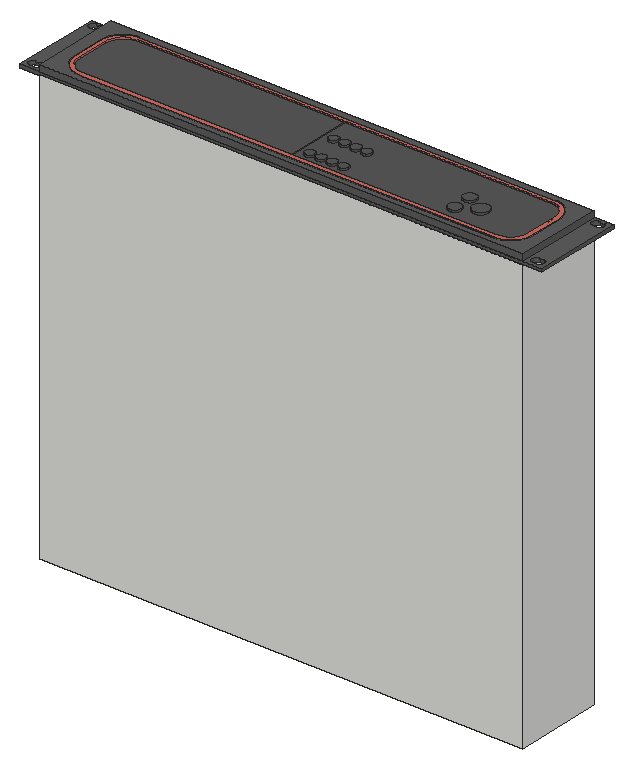
Revit family "Electronics_Amplifier_Biamp_Tesira_XEL_4-Channel-1200W__", category Communication Devices, host Face, Revit 2020
Family settings
  Host = Face
  Maintain Annotation Orientation = No
  Round Connector Dimension = Use Diameter
  Part Type = Normal
  OmniClass Number = 23.85.10.11.14.14.17
  OmniClass Title = Sound Amplifiers
  Cut with Voids When Loaded = Yes
  Shared = No
  Room Calculation Point = No
Parameters (values of type "XEL 1200.1")
  Width = 19.00"  # constant formula
  Weight = 18.00 lbf  # constant formula
  Voltage = 120 V
  URL = "https://www.biamp.com/"
  Tesira_XEL = yes
  Temperature Range = "32 - 95° F (0 - 35° C)"  # constant formula
  THD+N = "20Hz-20kHz, at rated power: < 0.02%"  # constant formula
  Single Channel = "4 ohm, 8 ohm: 175W"  # constant formula
  Single Channel Driven = "1200W"  # constant formula
  Product data url = "https://www.bimobject.com/biamp/product/tesiraxel-1200-1_amplifier"
  Product Page URL = "https://www.biamp.com/products/tesira-amplifiers#tesiraxel-1200-1"
  Product Documentation Link = "https://downloads.biamp.com/assets/docs/default-source/data-sheets/biamp_data_sheet_tesiraxel_1200-1_may19.pdf"
  Power Factor = 1
  Optional Analog Cards = "Tesira EX-MOD cards: EIC-4, EIOC-4, EOC-4"  # constant formula
  Number of Power Banks = "1"
  Number of Poles = 1
  Number of Channels = "4"  # constant formula
  Network Connection = "(2) Gigabit Ethernet with RJ-45 (Cat 5e and above)"  # constant formula
  Model = "TesiraXEL 1200.1"
  Minimum Operational Load = "2 ohm"  # constant formula
  Manufacturer = "Biamp"  # constant formula
  Humidity = "0-95% relative humidity (non-condensing)"  # constant formula
  Housing Material = Biamp - Metal - Silver
  Height = 3.50"  # constant formula
  Frequency Response = "+0/-0.5dB"  # constant formula
  Dynamic Range = "> 108dB"  # constant formula
  Dual AVB/TSN Input = "RJ-45 (CAT-5 or higher) inputs; primary and secondary"  # constant formula
  Description = "TesiraXEL™ 1200.1 4-Channel, 1200W Amplifier (Single Asymmetric Bank)"
  Depth = 17.39844"  # constant formula
  Default Elevation = 48.00"
  Damping Factor = "> 600"  # constant formula
  Current Draw = "5.5–2.3A"  # constant formula
  Current = 5.5 A
  Crosstalk = "> 80dB"  # constant formula
  Cooling = "Variable speed fan"  # constant formula
  Connectors = "2-pin, 0.3-inch Euroblock [up to 10 AWG]"  # constant formula
  Connector Description = "100-240VAC 50/60Hz"  # constant formula
  Compliance = "FCC Part 15B (USA) CE Marked (Europe) UL and C-UL listed (USA and Canada) RoHS Directive (Europe)"  # constant formula
  Bridged = "8 ohm: 350W"  # constant formula
  Balanced Input Impedance = "8 kohm"  # constant formula
  Assembly Code = ""
  Apparent Load = Current * Voltage  # 660 VA
  Amplifier Topology = "Class D"  # constant formula
  Altitude = "0-10,000 ft (0-3000m) MSL"  # constant formula
  All Channels Driven = "1200W"
Types (2): name | Product data url | Product Page URL | Product Documentation Link | Number of Power Banks | Model | Description | All Channels Driven
  XEL 1200.1 | "https://www.bimobject.com/biamp/product/tesiraxel-1200-1_amplifier" | "https://www.biamp.com/products/tesira-amplifiers#tesiraxel-1200-1" | "https://downloads.biamp.com/assets/docs/default-source/data-sheets/biamp_data_sheet_tesiraxel_1200-1_may19.pdf" | "1" | "TesiraXEL 1200.1" | "TesiraXEL™ 1200.1 4-Channel, 1200W Amplifier (Single Asymmetric Bank)" | "1200W"
  XEL 1200.2 | "https://www.bimobject.com/biamp/product/tesiraxel-1200-2_amplifier" | "https://www.biamp.com/products/tesira-amplifiers#tesiraxel-1200-2" | "https://downloads.biamp.com/assets/docs/default-source/data-sheets/biamp_data_sheet_tesiraxel_1200-2_may19.pdf" | "2" | "TesiraXEL 1200. 2" | "TesiraXEL™ 1200.2 4-Channel, 2400W Amplifier (Dual Asymmetric Banks)" | "2400W"
Reference planes (in)
  plane 1 "Center (Front/Back)": y = 0
  plane 2: z = 0
  plane 3 "Center (Left/Right)": x = 0
  plane 4: x = 19.76273
  plane 5: y = -1.52561
  plane 6: y = 1.43791
Forms (in)
  Extrusion 1, solid, material "Biamp - Metal - Black"
    sketch origin (9.88137, -1.79653, -8.32798) x (1, 0, 0) y (0, 0, -1)
      loop
        line (-9.5, -8.44922) -> (-9.5, -8.69922) -> (9.5, -8.69922) -> (9.5, -8.44922) -> (-9.5, -8.44922)
    from 0 to 3.5
  Extrusion 2, solid, material "Biamp - Metal - Black"
    sketch origin (9.88137, -1.79653, -8.32798) x (1, 0, 0) y (0, 1, 0)
      loop
        line (10.25, 3.5) -> (-10.25, 3.5) -> (-10.25, 0) -> (10.25, 0) -> (10.25, 3.5)
    from 8.32798 to 8.45
  Extrusion 3, void, detail levels medium+fine
    sketch origin (9.88137, -1.79653, -8.32798) x (1, 0, 0) y (0, 1, 0)
      loop
        arc (-9.7948, 3.07101) -> (-9.63137, 3.23444) -> (-9.7948, 3.39787) r 0.16343
        line (-9.7948, 3.39787) -> (-9.96794, 3.39787)
        arc (-9.96794, 3.39787) -> (-10.13137, 3.23444) -> (-9.96794, 3.07101) r 0.16343
        line (-9.96794, 3.07101) -> (-9.7948, 3.07101)
      loop
        arc (-9.96794, 0.43436) -> (-10.13137, 0.27093) -> (-9.96794, 0.1075) r 0.16343
        line (-9.96794, 0.1075) -> (-9.7948, 0.1075)
        arc (-9.7948, 0.1075) -> (-9.63137, 0.27093) -> (-9.7948, 0.43436) r 0.16343
        line (-9.7948, 0.43436) -> (-9.96794, 0.43436)
      loop
        arc (9.7948, 3.39787) -> (9.63137, 3.23444) -> (9.7948, 3.07101) r 0.16343
        line (9.7948, 3.07101) -> (9.96794, 3.07101)
        arc (9.96794, 3.07101) -> (10.13137, 3.23444) -> (9.96794, 3.39787) r 0.16343
        line (9.96794, 3.39787) -> (9.7948, 3.39787)
      loop
        arc (9.7948, 0.43436) -> (9.63137, 0.27093) -> (9.7948, 0.1075) r 0.16343
        line (9.7948, 0.1075) -> (9.96794, 0.1075)
        arc (9.96794, 0.1075) -> (10.13137, 0.27093) -> (9.96794, 0.43436) r 0.16343
        line (9.96794, 0.43436) -> (9.7948, 0.43436)
    from 8.32798 to 8.45
  Extrusion 4, solid, material "Biamp - Plastic - Black", detail levels medium+fine
    sketch origin (9.88137, -1.79653, -8.42105) x (1, 0, 0) y (0, 1, 0)
      loop
        circle (6.70697, 1.42245) r 0.30719
      loop
        circle (6.00161, 1.76362) r 0.25
      loop
        circle (6.01175, 1.00818) r 0.25
      loop
        circle (0.87632, 0.86436) r 0.18364
      loop
        circle (0.43882, 0.86436) r 0.18364
      loop
        circle (1.31382, 0.86436) r 0.18364
      loop
        circle (1.75132, 0.86436) r 0.18364
    from 8.74596 to 8.79228
  Extrusion 5, solid, material "Biamp - Plastic - Black", detail levels medium+fine
    sketch origin (9.88137, -1.79653, -8.42105) x (1, 0, 0) y (0, 1, 0)
      loop
        circle (1.75132, 2.02061) r 0.18364
      loop
        circle (1.31382, 2.02061) r 0.18364
      loop
        circle (0.87632, 2.02061) r 0.18364
      loop
        circle (0.43882, 2.02061) r 0.18364
    from 8.74596 to 8.79228
  Extrusion 6, solid, material "Biamp - Metal - Silver" <- "Housing Material", visible <- "Tesira_XEL"
    sketch origin (9.88137, -1.79653, -8.32798) x (1, 0, 0) y (0, 0, -1)
      loop
        line (-9.5, 8.69922) -> (-9.5, -8.32798) -> (9.5, -8.32798) -> (9.5, 8.69922) -> (-9.5, 8.69922)
    from 0 to 3.5
  Extrusion 7, solid, material "Biamp - Metal - Black", detail levels coarse
    sketch origin (9.88137, -1.79653, -8.32798) x (1, 0, 0) y (0, 0, -1)
      loop
        line (-9.5, -8.44922) -> (-9.5, -8.69922) -> (9.5, -8.69922) -> (9.5, -8.44922) -> (-9.5, -8.44922)
    from 0 to 3.5
  Extrusion 8, solid, material "Biamp - Metal - Black", detail levels coarse
    sketch origin (9.88137, -1.79653, -8.32798) x (1, 0, 0) y (0, 1, 0)
      loop
        line (-10.25, 3.5) -> (-10.25, 0) -> (10.25, 0) -> (10.25, 3.5) -> (-10.25, 3.5)
    from 8.32798 to 8.44922
  Extrusion 9, void
    sketch origin (0.38137, -1.79653, -17.0272) x (0, -1, 0) y (-1, 0, 0)
      loop
        line (-3.0466, -17.20698) -> (-3.0466, -18.58198) -> (-2.1091, -18.58198) -> (-2.1091, -17.20698) -> (-3.0466, -17.20698)
      loop
        line (-1.4216, -8.92036) -> (-0.9216, -8.92036) -> (-0.9216, -8.28527) -> (-1.4216, -8.28527) -> (-1.4216, -8.92036)
      loop
        line (-1.4216, -5.91027) -> (-1.4216, -6.54536) -> (-0.9216, -6.54536) -> (-0.9216, -5.91027) -> (-1.4216, -5.91027)
      loop
        line (-1.4216, -3.56652) -> (-1.4216, -4.20161) -> (-0.9216, -4.20161) -> (-0.9216, -3.56652) -> (-1.4216, -3.56652)
      loop
        line (-1.4216, -1.56652) -> (-1.4216, -2.20161) -> (-0.9216, -2.20161) -> (-0.9216, -1.56652) -> (-1.4216, -1.56652)
      loop
        line (-0.93889, -10.75987) -> (-0.93889, -9.84353) -> (-1.18889, -9.84353) -> (-1.18889, -10.75987) -> (-0.93889, -10.75987)
      loop
        line (-1.41822, -14.06988) -> (-0.91822, -14.06988) -> (-0.91822, -13.43479) -> (-1.41822, -13.43479) -> (-1.41822, -14.06988)
      loop
        line (-1.41822, -13.06988) -> (-0.91822, -13.06988) -> (-0.91822, -12.43479) -> (-1.41822, -12.43479) -> (-1.41822, -13.06988)
    from -0.15363 to 0
  Extrusion 10, void
    sketch origin (0, 0, 0) x (1, 0, 0) y (0, 1, 0)
      loop
        line (17.98962, 1.46978) -> (1.77311, 1.46978)
        arc (1.77311, 1.46978) -> (1.14255, 1.20859) -> (0.88137, 0.57803) r 0.89175
        line (0.88137, 0.57803) -> (0.88137, -0.67041)
        arc (0.88137, -0.67041) -> (1.14255, -1.30097) -> (1.77311, -1.56216) r 0.89175
        line (1.77311, -1.56216) -> (17.98962, -1.56216)
        arc (17.98962, -1.56216) -> (18.62018, -1.30097) -> (18.88137, -0.67041) r 0.89175
        line (18.88137, -0.67041) -> (18.88137, 0.57803)
        arc (18.88137, 0.57803) -> (18.62018, 1.20859) -> (17.98962, 1.46978) r 0.89175
    from 0.37124 to 0.12124
  Extrusion 11, solid, material "Biamp - Plastic - Red", detail levels medium+fine
    sketch origin (0, 0, 0) x (1, 0, 0) y (0, 1, 0)
      loop
        arc (1.77311, 1.46978) -> (1.14255, 1.20859) -> (0.88137, 0.57803) r 0.89175
        line (0.88137, 0.57803) -> (0.88137, -0.67041)
        arc (0.88137, -0.67041) -> (1.14255, -1.30097) -> (1.77311, -1.56216) r 0.89175
        line (1.77311, -1.56216) -> (17.98962, -1.56216)
        arc (17.98962, -1.56216) -> (18.62018, -1.30097) -> (18.88137, -0.67041) r 0.89175
        line (18.88137, -0.67041) -> (18.88137, 0.57803)
        arc (18.88137, 0.57803) -> (18.62018, 1.20859) -> (17.98962, 1.46978) r 0.89175
        line (17.98962, 1.46978) -> (1.77311, 1.46978)
      loop
        line (18.71137, -0.67041) -> (18.71137, 0.57803)
        arc (18.71137, 0.57803) -> (18.49997, 1.08838) -> (17.98962, 1.29978) r 0.72175
        line (17.98962, 1.29978) -> (1.77311, 1.29978)
        arc (1.77311, 1.29978) -> (1.26276, 1.08838) -> (1.05137, 0.57803) r 0.72175
        line (1.05137, 0.57803) -> (1.05137, -0.67041)
        arc (1.05137, -0.67041) -> (1.26276, -1.18076) -> (1.77311, -1.39216) r 0.72175
        line (1.77311, -1.39216) -> (17.98962, -1.39216)
        arc (17.98962, -1.39216) -> (18.49997, -1.18076) -> (18.71137, -0.67041) r 0.72175
    from 0.37124 to 0.12202
  Extrusion 12, solid, material "Biamp - Plastic - Black", detail levels medium+fine
    sketch origin (0, 0, 0) x (1, 0, 0) y (0, 1, 0)
      loop
        line (9.95107, -1.39216) -> (17.98962, -1.39216)
        arc (17.98962, -1.39216) -> (18.49997, -1.18076) -> (18.71137, -0.67041) r 0.72175
        line (18.71137, -0.67041) -> (18.71137, 0.57803)
        arc (18.71137, 0.57803) -> (18.49997, 1.08838) -> (17.98962, 1.29978) r 0.72175
        line (17.98962, 1.29978) -> (9.95107, 1.29978) -> (9.95107, -1.39216)
    from 0.12202 to 0.32491
  Extrusion 13, solid, material "Biamp - Plastic - Black(Grid)"
    sketch origin (0, 0, 0) x (1, 0, 0) y (0, 1, 0)
      loop
        line (1.05137, 0.57803) -> (1.05137, -0.67041)
        arc (1.05137, -0.67041) -> (1.26276, -1.18076) -> (1.77311, -1.39216) r 0.72175
        line (1.77311, -1.39216) -> (9.9046, -1.39216) -> (9.9046, 1.29978) -> (1.77311, 1.29978)
        arc (1.77311, 1.29978) -> (1.26276, 1.08838) -> (1.05137, 0.57803) r 0.72175
    from 0.12202 to 0.32491
Cuts and joins
  Extrusion 3 cuts Extrusion 2
  Extrusion 9 cuts Extrusion 6
  Extrusion 10 cuts Extrusion 1
Lines and regions (in)
  Masking region 1
    outline origin (0, 0, 0) x (1, 0, 0) y (0, 0, 1)
      loop
        line (-0.36863, 0) -> (0.38137, 0) -> (0.38137, -17.0272) -> (19.38137, -17.0272) -> (19.38137, 0) -> (20.13137, 0) -> (20.13137, 0.12124) -> (19.38137, 0.12124) -> (19.38137, 0.37124) -> (0.38137, 0.37124) -> (0.38137, 0.12124) -> (-0.36863, 0.12124) -> (-0.36863, 0)
  symbolic lines
    curve 1: line (-0.36863, 0, 0.12124) -> (20.13137, 0, 0.12124)
    curve 2: line (19.38137, 0, 0) -> (0.38137, 0, 0)
Dimensions and locks (in)
  Extrusion 7 to cut or joined group of Extrusion 6, Extrusion 9 = 17.39844"
  aligned and locked: plane 2 to host face
  aligned and locked: level to host face
Connectors (in)
  electrical at (18.27585, 0.78132, -16.87357), driven by "Number of Poles", driven by "Voltage", driven by "Apparent Load", driven by "Power Factor", driven by "Connector Description"
    settings: on cut or joined group of Extrusion 6, Extrusion 9, index 1, voltage 120 V, apparent load 0 VA, apparent load phase1 660 VA, apparent load phase2 0 VA, apparent load phase3 0 VA, power factor 1, load classification "Other", number of poles 1, system type 31, power factor state 1, is connector primary yes, connector utility no, sub classification motor no, connector description "100-240VAC 50/60Hz"
  electrical at (14.1337, -0.62831, -16.87357)
    settings: on cut or joined group of Extrusion 6, Extrusion 9, index 2, voltage 0 V, apparent load 0 VA, apparent load phase1 0 VA, apparent load phase2 0 VA, apparent load phase3 0 VA, power factor 1, load classification "Other", number of poles 1, system type 5, power factor state 1, is connector primary no, connector utility no, sub classification motor no, connector description "RJ-45; Network connector 1"
  electrical at (13.1337, -0.62831, -16.87357)
    settings: on cut or joined group of Extrusion 6, Extrusion 9, index 3, voltage 0 V, apparent load 0 VA, apparent load phase1 0 VA, apparent load phase2 0 VA, apparent load phase3 0 VA, power factor 1, load classification "Other", number of poles 1, system type 5, power factor state 1, is connector primary no, connector utility no, sub classification motor no, connector description "RJ-45; Network connector 2"
  electrical at (10.68306, -0.73265, -16.87357)
    settings: on cut or joined group of Extrusion 6, Extrusion 9, index 4, voltage 0 V, apparent load 0 VA, apparent load phase1 0 VA, apparent load phase2 0 VA, apparent load phase3 0 VA, power factor 1, load classification "Other", number of poles 1, system type 5, power factor state 1, is connector primary no, connector utility no, sub classification motor no, connector description "Logic I/O"
  electrical at (8.98418, -0.62493, -16.87357)
    settings: on cut or joined group of Extrusion 6, Extrusion 9, index 5, voltage 0 V, apparent load 0 VA, apparent load phase1 0 VA, apparent load phase2 0 VA, apparent load phase3 0 VA, power factor 1, load classification "Other", number of poles 1, system type 5, power factor state 1, is connector primary no, connector utility no, sub classification motor no, connector description "AMP Output; 1"
  electrical at (6.60918, -0.62493, -16.87357)
    settings: on cut or joined group of Extrusion 6, Extrusion 9, index 6, voltage 0 V, apparent load 0 VA, apparent load phase1 0 VA, apparent load phase2 0 VA, apparent load phase3 0 VA, power factor 1, load classification "Other", number of poles 1, system type 5, power factor state 1, is connector primary no, connector utility no, sub classification motor no, connector description "AMP Output; 2"
  electrical at (4.26543, -0.62493, -16.87357)
    settings: on cut or joined group of Extrusion 6, Extrusion 9, index 7, voltage 0 V, apparent load 0 VA, apparent load phase1 0 VA, apparent load phase2 0 VA, apparent load phase3 0 VA, power factor 1, load classification "Other", number of poles 1, system type 5, power factor state 1, is connector primary no, connector utility no, sub classification motor no, connector description "AMP Output; 3"
  electrical at (2.26543, -0.62493, -16.87357)
    settings: on cut or joined group of Extrusion 6, Extrusion 9, index 8, voltage 0 V, apparent load 0 VA, apparent load phase1 0 VA, apparent load phase2 0 VA, apparent load phase3 0 VA, power factor 1, load classification "Other", number of poles 1, system type 5, power factor state 1, is connector primary no, connector utility no, sub classification motor no, connector description "AMP Output; 4"
